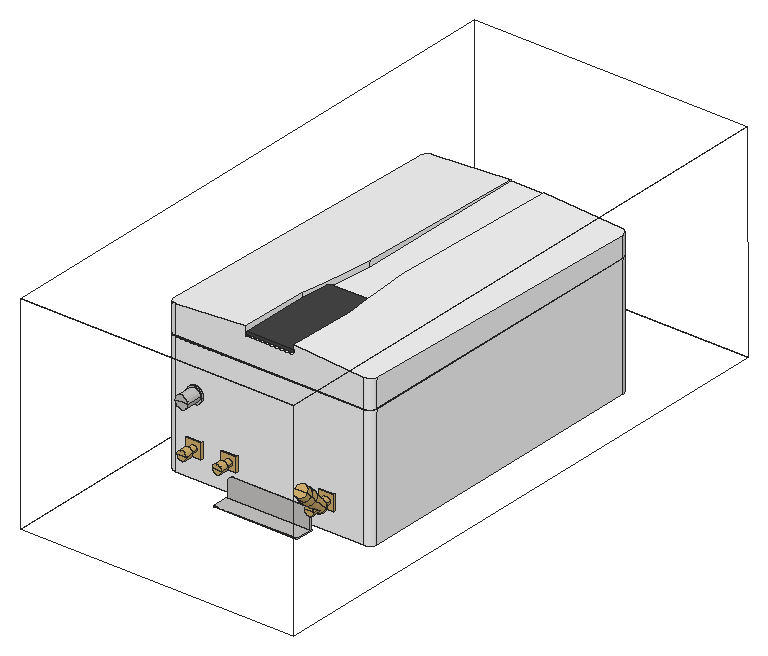
Revit family "Water_Heater-Navien-Condensing-NPE-A2", category Mechanical Equipment, host Face, Revit 2019
Family settings
  Host = Face
  Round Connector Dimension = Use Diameter
  Part Type = Normal
  OmniClass Number = 23.65.35.11
  OmniClass Title = Supply Water Heaters
  Cut with Voids When Loaded = No
  Shared = No
  Room Calculation Point = No
Parameters (values of type "NPE-240A2")
  Width = 17.30"  # constant formula
  Wi-Fi Ready = "NaviLink Wi‑Fi Control: This add-on accessory enables access to control temperatures remotely, access usage data and receive diagnostic notifications via smartphone or tablet."  # constant formula
  Weight = if(Constraints = 1, 73.00 lbf, if(Constraints = 2, 77.00 lbf, if(Constraints = 3, 77.00 lbf, 55.00 lbf)))  # 77.00 lbf
  Water Pressure = "15-150 psi"  # constant formula
  Warranty Note = "Heat Exchangers: 15 years limited warranty (Residential) | Parts: 5 years (Residential)"  # constant formula
  Warranty = "https://www.navieninc.com/warranties"
  Voltage = 120 V
  Version = "2019 - v1.0.a"  # constant formula
  Venting Type = "2\" or 3\" PVC, CPVC, approved polypropylene and stainless steel"  # constant formula
  Venting = "No Venting (Outdoor Installation Only)"  # constant formula
  URL = "https://www.navieninc.com"
  Propane Gas Supply Pressure = "8.0\" to 13\" WC"  # constant formula
  Propane Gas Manifold Pressure = if(Constraints = 1, "0.03\" to 0.55\" WC", if(Constraints = 2, "0.02\" to 0.76\" WC", if(Constraints = 3, "0.02\" to 0.96\" WC", "0.7\" to 3.2\" WC")))  # "0.02\" to 0.96\" WC"
  Product Page URL = "https://www.navieninc.com/products/npe-240a2"
  Product Name = "NPE-A2 Advanced Series Tankless Water Heaters"  # constant formula
  Product Documentation Link = "https://www.navieninc.com/downloads/npe-2-quickfacts-en"
  Power Factor = 1
  Phase = 1
  Number of Poles = 1
  Natural Gas Supply Pressure = "3.5\" to 10.5\" WC"  # constant formula
  Natural Gas Manifold Pressure = if(Constraints = 1, "0.03\" to 0.55\" WC", if(Constraints = 2, "0.03\" to 0.76\" WC", if(Constraints = 3, "0.03\" to 0.96\" WC", "0.7\" to 3.2\" WC")))  # "0.03\" to 0.96\" WC"
  Model = if(Constraints = 1, "NPE-180A2", if(Constraints = 2, "NPE-210A2", if(Constraints = 3, "NPE-240A2", "NPN-160E")))  # "NPE-240A2"
  Material = ""
  Manufacturer Phone Number = "(949) 420-0420"  # constant formula
  Manufacturer Fax Number = "(949) 420-0430"  # constant formula
  Manufacturer Address = "20 Goodyear, Irvine, CA 92618"  # constant formula
  Manufacturer = "Navien, Inc."  # constant formula
  Keynote = "22 33 00.A1"
  Intake = if([2" Exhaust/Intake], 2", 3")  # 2"
  Installation Type = "Outdoor Wall-Hung Only"  # constant formula
  Ignition = "Electronic ignition"  # constant formula
  Hot Water Inlet = 0.75"  # constant formula
  Height = 28.80"  # constant formula
  Heating Capacity Note = if(Constraints = 1, "10,000 to 150,000 BTUh", if(Constraints = 2, "12,000 to 180,000 BTUh", if(Constraints = 3, "13,300 to 199,990 BTUh", "10700 to 160000 BTUh")))  # "13,300 to 199,990 BTUh"
  Heating Capacity = 199900.0 Btu/h
  Gas Inlet = 3/4"  # constant formula
  Frequency = 60 Hz
  Finish = Metal - Navien - White
  Exhaust = if([2" Exhaust/Intake], 2", 3")  # 2"
  Description = "NPE-A2 Advanced Condensing Tankless Gas Water Heaters"  # constant formula
  Depth = 13.20"  # constant formula
  Default Elevation = 48.00"
  Constraints = 3
  Cold Water Inlet = 0.75"  # constant formula
  Certifications = "Energy Star | AHRI | CSA | ASME | CSA Blue Star | CSA Blue Flame"  # constant formula
  Copyright = "All contents copyright © Navien Inc."  # constant formula
  Clearance [instance] = yes
  Assembly Code = "D3010500"
  Apparent Load = 0 VA
  3" Exhaust/Intake = not([2" Exhaust/Intake])  # no
  2" Exhaust/Intake = yes
Types (4): name | Weight | Propane Gas Manifold Pressure | Product Page URL | Natural Gas Manifold Pressure | Model | Heating Capacity Note | Heating Capacity | Constraints
  (no name) | 77.00 lbf | "0.02\" to 0.96\" WC" | "https://www.navieninc.com/products/npe-240a2" | "0.03\" to 0.96\" WC" | "NPE-240A2" | "13,300 to 199,990 BTUh" | 199900.0 Btu/h | 3
  NPE-180A2 | 73.00 lbf | "0.03\" to 0.55\" WC" | "https://www.navieninc.com/products/npe-180a2" | "0.03\" to 0.55\" WC" | "NPE-180A2" | "10,000 to 150,000 BTUh" | 150000.0 Btu/h | 1
  NPE-210A2 | 77.00 lbf | "0.02\" to 0.76\" WC" | "https://www.navieninc.com/products/npe-210a2" | "0.03\" to 0.76\" WC" | "NPE-210A2" | "12,000 to 180,000 BTUh" | 180000.0 Btu/h | 2
  NPE-240A2 | 77.00 lbf | "0.02\" to 0.96\" WC" | "https://www.navieninc.com/products/npe-240a2" | "0.03\" to 0.96\" WC" | "NPE-240A2" | "13,300 to 199,990 BTUh" | 199900.0 Btu/h | 3
Reference planes (in)
  plane 1 "Center (Front/Back)": y = -4.4
  plane 2: z = 0
  plane 3 "Center (Left/Right)": x = 0
  plane 4: y = 23
  plane 5: z = 4.13479
  plane 6: z = 2.83479
  plane 7: z = 6.93479
  plane 8: x = -4.3
  plane 9: x = -1.1
  plane 10: x = 3.8
  plane 11: x = -1.58309
  plane 12: x = -0.61691
  plane 13: x = -8.65
  plane 14: x = 8.65
  plane 15: y = -5.90288
  plane 16: z = 13.63479
  plane 17: x = -6.35
  plane 18: x = 4.95
Forms (in)
  Extrusion 1, solid, material "Clearances - Navien", visible <- "Clearance"
    sketch origin (1.63086, 30.79844, 2.11678) x (0, 1, 0) y (-1, 0, 0)
      loop
        line (1.20156, 13.28086) -> (-47.19844, 13.28086) -> (-47.19844, -10.01914) -> (1.20156, -10.01914) -> (1.20156, 13.28086)
    from -2.11678 to 15.51801
  Extrusion 2, solid, material "Metal - Navien - White" <- "Finish", detail levels medium+fine
    sketch origin (0, 19.32383, 4.3925) x (0, 1, 0) y (-1, 0, 0)
      loop
        arc (3.67617, 8.01152) -> (3.48916, 8.46299) -> (3.03769, 8.65) r 0.63848
        line (3.03769, 8.65) -> (-23.08383, 8.65)
        arc (-23.08383, 8.65) -> (-23.53638, 8.46255) -> (-23.72383, 8.01) r 0.64
        line (-23.72383, 8.01) -> (-23.72383, -8.01)
        arc (-23.72383, -8.01) -> (-23.53638, -8.46255) -> (-23.08383, -8.65) r 0.64
        line (-23.08383, -8.65) -> (3.03617, -8.65)
        arc (3.03617, -8.65) -> (3.48871, -8.46255) -> (3.67617, -8.01) r 0.64
        line (3.67617, -8.01) -> (3.67617, 8.01152)
    from -3.95771 to 9.24229
  Extrusion 3, void
    sketch origin (0, -4.71208, 0.10155) x (1, 0, 0) y (0, 0.023355, 0.999727)
      loop
        line (-8.72631, 14.51859) -> (-8.72631, 13.06)
        arc (-8.72631, 13.06) -> (0.19015, 13.56399) -> (9.10359, 13.00907) r 75.31953
        line (9.10359, 13.00907) -> (9.10359, 14.51859) -> (-8.72631, 14.51859)
    from -30.16564 to 0.59861
  Extrusion 4, solid, material "Metal - Navien - Stainless Steel"
    sketch origin (0, 19.32383, 4.3925) x (0, 1, 0) y (-1, 0, 0)
      loop
        arc (5.22147, 3.42656) -> (5.1841, 3.51678) -> (5.09389, 3.55414) r 0.12758
        line (5.09389, 3.55414) -> (3.67617, 3.55414) -> (3.67617, -3.55364) -> (5.09147, -3.55364)
        arc (5.09147, -3.55364) -> (5.18339, -3.51557) -> (5.22147, -3.42364) r 0.13
        line (5.22147, -3.42364) -> (5.22147, 3.42656)
    from -4.3925 to -4.34573
  Extrusion 5, solid, material "Metal - Navien - Brass, Soft Yellow"
    sketch origin (-1.77467, -4.4, -1.96398) x (1, 0, 0) y (0, 0, 1)
      loop
        line (-3.9486, 5.4353) -> (-5.22362, 5.4353) -> (-5.22362, 4.19878) -> (-3.9486, 4.19878) -> (-3.9486, 5.4353)
    from 0 to 0.16762
  Revolve 6, solid, material "Metal - Navien - Brass, Soft Yellow"
    sketch origin (-15.42188, -184.40002, 2.83479) x (-1, 0, 0) y (0, -1, 0)
      loop
        line (-9.46599, -178.57711) -> (-9.46599, -179.18801) -> (-9.34567, -179.18801) -> (-9.34567, -179.83238) -> (-9.07188, -179.83238) -> (-9.07188, -178.57711) -> (-9.46599, -178.57711)
      axis (-9.07188, -178.57711) -> (-9.07188, -179.83238)
    angle from 0 to 360
  Revolve 7, solid, material "Metal - Navien - Stainless Steel"
    sketch origin (-7.55911, -184.40002, 6.93479) x (-1, 0, 0) y (0, -1, 0)
      loop
        line (-1.20911, -178.54698) -> (-1.75224, -178.54698) -> (-1.75224, -179.87502) -> (-1.20911, -179.87502) -> (-1.20911, -178.54698)
      axis (-1.20911, -178.54698) -> (-1.20911, -179.87502)
    angle from 0 to 360
  Extrusion 8, solid, material "Metal - Navien - Stainless Steel"
    sketch origin (-10.05546, -4.4, 1.68998) x (1, 0, 0) y (0, 0, 1)
      loop
        circle (3.70567, 5.22402) r 0.68798
    from 0 to 0.12498
  Revolve 9, solid, material "Metal - Navien - Brass, Soft Yellow"
    sketch origin (-13.40348, -180, 2.83479) x (-1, 0, 0) y (0, -1, 0)
      loop
        line (-18.74055, -173.63568) -> (-18.74055, -174.27883) -> (-18.6676, -174.27883) -> (-18.6676, -175.45014) -> (-18.35348, -175.45014) -> (-18.35348, -173.63568) -> (-18.74055, -173.63568)
      axis (-18.35348, -175.45014) -> (-18.35348, -173.63568)
    angle from 0 to 360
  Extrusion 10, solid, material "Metal - Navien - White" <- "Finish", detail levels coarse
    sketch origin (0, 0, 0) x (1, 0, 0) y (0, 0, 1)
      loop
        line (-8.65, 0.43479) -> (8.65, 0.43479) -> (8.65, 13.63479) -> (-8.65, 13.63479) -> (-8.65, 0.43479)
    from -23 to 4.4
  Extrusion 11, solid, material "Plastic - Navien - Black", detail levels medium+fine
    sketch origin (0, 19.32383, 7.8925) x (0, 1, 0) y (-1, 0, 0)
      loop
        line (-17.70052, 2.05834) -> (-23.72383, 2.05834) -> (-23.72383, -2.05834) -> (-17.70052, -2.05834)
        arc (-17.70052, -2.05834) -> (-16.66538, -1.92384) -> (-15.62887, -1.80041) r 97.62181
        arc (-15.62887, -1.80041) -> (-15.31942, -1.67223) -> (-15.19124, -1.36278) r 0.43763
        line (-15.19124, -1.36278) -> (-15.19124, 1.36278)
        arc (-15.19124, 1.36278) -> (-15.31942, 1.67223) -> (-15.62887, 1.80041) r 0.43763
        arc (-15.62887, 1.80041) -> (-16.66538, 1.92384) -> (-17.70052, 2.05834) r 97.62181
    from 5.12609 to 5.33449
  Extrusion 12, void
    sketch origin (0, 19.32383, 4.2675) x (0, 1, 0) y (-1, 0, 0)
      loop
        line (5.22147, -1.40632) -> (5.22147, 1.40632) -> (-11.30794, 1.40632)
        arc (-11.30794, 1.40632) -> (-14.5096, 1.67972) -> (-17.70052, 2.05834) r 97.62181
        line (-17.70052, 2.05834) -> (-25.30613, 2.05834) -> (-25.30613, -2.05834) -> (-17.70052, -2.05834)
        arc (-17.70052, -2.05834) -> (-14.5096, -1.67972) -> (-11.30794, -1.40632) r 97.62181
        line (-11.30794, -1.40632) -> (5.22147, -1.40632)
    from 8.62609 to 10.36266
  Sweep 13, void
    path origin (0, 19.32266, 3.6425) x (0, 1, 0) y (-1, 0, 0)
      loop
        line (3.03769, 8.65) -> (-23.08383, 8.65)
        arc (-23.08383, 8.65) -> (-23.53638, 8.46255) -> (-23.72383, 8.01) r 0.64
        line (-23.72383, 8.01) -> (-23.72383, -8.01)
        arc (-23.72383, -8.01) -> (-23.53638, -8.46255) -> (-23.08383, -8.65) r 0.64
        line (-23.08383, -8.65) -> (3.03617, -8.65)
        arc (3.03617, -8.65) -> (3.48871, -8.46255) -> (3.67617, -8.01) r 0.64
        line (3.67617, -8.01) -> (3.67617, 8.01152)
        arc (3.67617, 8.01152) -> (3.48916, 8.46299) -> (3.03769, 8.65) r 0.63848
    profile origin (-8.65, 9.29959, 3.6425) x (1, 0, 0) y (0, 0, 1)
      loop
        line (0.09217, 7.20716) -> (-0.15783, 7.20716) -> (-0.15783, 7.09938) -> (0.09217, 7.09938) -> (0.09217, 7.20716)
  Extrusion 14, solid, material "Metal - Navien - Stainless Steel"
    sketch origin (0, 0, 45.93071) x (1, 0, 0) y (0, 0, 1)
      loop
        line (-3.51177, -45.88394) -> (3.51177, -45.88394) -> (3.51177, -45.32433)
        arc (3.51177, -45.32433) -> (3.36532, -44.97078) -> (3.01177, -44.82433) r 0.5
        line (3.01177, -44.82433) -> (-3.01033, -44.82433)
        arc (-3.01033, -44.82433) -> (-3.3649, -44.9712) -> (-3.51177, -45.32577) r 0.50144
        line (-3.51177, -45.32577) -> (-3.51177, -45.88394)
    from -23.0784 to -23
  Extrusion 15, solid, material "Metal - Navien - Stainless Steel"
    sketch origin (0, -0.72383, 4.3925) x (0, -1, 0) y (1, 0, 0)
      loop
        line (5.22147, -3.42656) -> (5.22147, 3.42364)
        arc (5.22147, 3.42364) -> (5.18339, 3.51557) -> (5.09147, 3.55364) r 0.13
        line (5.09147, 3.55364) -> (3.67617, 3.55364) -> (3.67617, -3.55414) -> (5.09389, -3.55414)
        arc (5.09389, -3.55414) -> (5.1841, -3.51678) -> (5.22147, -3.42656) r 0.12758
    from -4.3925 to -4.34573
  Extrusion 16, solid, material "Metal - Navien - Stainless Steel"
    sketch origin (0, 18.6, 45.93071) x (1, 0, 0) y (0, 0, -1)
      loop
        line (-3.51177, 45.88394) -> (-3.51177, 44.70077)
        arc (-3.51177, 44.70077) -> (-3.3649, 44.3462) -> (-3.01033, 44.19933) r 0.50144
        line (-3.01033, 44.19933) -> (3.01177, 44.19933)
        arc (3.01177, 44.19933) -> (3.36532, 44.34578) -> (3.51177, 44.69933) r 0.5
        line (3.51177, 44.69933) -> (3.51177, 45.88394) -> (-3.51177, 45.88394)
    from -23.0784 to -23
  Extrusion 17, solid, material "Metal - Navien - White" <- "Finish", detail levels medium+fine
    sketch origin (0, -4.4, 0) x (1, 0, 0) y (0, 0, 1)
      loop
        line (6.8996, 8.89711) -> (-6.6004, 8.89711)
        arc (-6.6004, 8.89711) -> (-6.9754, 8.52211) -> (-6.6004, 8.14711) r 0.375
        line (-6.6004, 8.14711) -> (6.8996, 8.14711)
        arc (6.8996, 8.14711) -> (7.2746, 8.52211) -> (6.8996, 8.89711) r 0.375
    from -26.76152 to -27.55666
  Extrusion 18, solid, material "Metal - Navien - Brass, Soft Yellow"
    sketch origin (9.52533, -4.4, -1.96398) x (1, 0, 0) y (0, 0, 1)
      loop
        line (-3.9486, 5.4353) -> (-5.22362, 5.4353) -> (-5.22362, 4.19878) -> (-3.9486, 4.19878) -> (-3.9486, 5.4353)
    from 0 to 0.16762
  Extrusion 19, solid, material "Metal - Navien - Brass, Soft Yellow"
    sketch origin (1.22533, -4.4, -1.96398) x (1, 0, 0) y (0, 0, 1)
      loop
        line (-3.9486, 5.4353) -> (-5.22362, 5.4353) -> (-5.22362, 4.19878) -> (-3.9486, 4.19878) -> (-3.9486, 5.4353)
    from 0 to 0.16762
  Revolve 20, solid, material "Metal - Navien - Brass, Soft Yellow"
    sketch origin (-12.42188, -184.40002, 2.83479) x (-1, 0, 0) y (0, -1, 0)
      loop
        line (-9.46599, -178.57711) -> (-9.46599, -179.18801) -> (-9.34567, -179.18801) -> (-9.34567, -179.83238) -> (-9.07188, -179.83238) -> (-9.07188, -178.57711) -> (-9.46599, -178.57711)
      axis (-9.07188, -178.57711) -> (-9.07188, -179.83238)
    angle from 0 to 360
  Revolve 21, solid, material "Metal - Navien - Brass, Soft Yellow"
    sketch origin (-9.85536, -35.92145, 33.34757) x (-0.952177, 0.216054, -0.216054) y (-0.305546, -0.673291, 0.673291)
      loop
        line (-2.40752, -43.12589) -> (-2.20611, -43.67926) -> (-2.2548, -43.69699) -> (-2.02154, -44.3236) -> (-1.94187, -44.29394) -> (-1.33024, -45.937)
        arc (-1.33024, -45.937) -> (-1.07976, -46.20442) -> (-0.71364, -46.21907) r 0.48299
        line (-0.71364, -46.21907) -> (-1.90591, -42.94332) -> (-2.40752, -43.12589)
      axis (-1.90591, -42.94332) -> (-0.71364, -46.21907)
    angle from 0 to 360
Cuts and joins
  Extrusion 3, Extrusion 12, Sweep 13 cuts Extrusion 2
  joined: Extrusion 2, Extrusion 17
Lines and regions (in)
  model lines, style "Clearance", visible <- "Clearance"
    curve 1: line (11.65, 32, 17.63479) -> (11.65, -16.4, 17.63479)
    curve 2: line (11.65, -16.4, 17.63479) -> (-11.65, -16.4, 17.63479)
    curve 3: line (-11.65, -16.4, 17.63479) -> (-11.65, 32, 17.63479)
    curve 4: line (-11.65, 32, 17.63479) -> (11.65, 32, 17.63479)
    curve 5: line (11.65, -16.4, 17.63479) -> (11.65, -16.4, 0)
    curve 6: line (-11.65, -16.4, 17.63479) -> (-11.65, -16.4, 0)
    curve 7: line (11.65, 32, 17.63479) -> (11.65, 32, 0)
    curve 8: line (-11.65, 32, 17.63479) -> (-11.65, 32, 0)
    curve 9: line (11.65, -12, 0) -> (11.65, 32, 0)
    curve 10: line (-11.65, 32, 0) -> (-11.65, -12, 0)
    curve 11: line (-11.65, -16.4, 0) -> (11.65, -16.4, 0)
    curve 12: line (11.65, 32, 0) -> (-11.65, 32, 0)
Dimensions and locks (in)
  cut or joined group of Extrusion 2, Extrusion 3, Extrusion 12, Sweep 13, Extrusion 17 to plane 5 = 3.70"
  plane 6 to cut or joined group of Extrusion 2, Extrusion 3, Extrusion 12, Sweep 13, Extrusion 17 = 2.40"
  plane 7 to cut or joined group of Extrusion 2, Extrusion 3, Extrusion 12, Sweep 13, Extrusion 17 = 6.50"
  plane 9 to plane 8 = 3.20"
  plane 10 to plane 9 = 4.90"
  plane 13 to plane 3 "Center (Left/Right)" to plane 14 = 8.65" locked, 8.65" locked
  plane 4 to plane 1 "Center (Front/Back)" to plane 15 = 27.40" locked, 1.50288" locked
  locked: plane 16 to level at 13.63479
  nested 1 to Extrusion 10 = 2.60"
  nested 2 to Extrusion 10 = 3.00"
  Extrusion 10 to nested 2 = 6.10"
  nested 2 to nested 1 = 6.70"
  Extrusion 10 to nested 1 = 4.50"
  nested 1 to nested 2 = 6.70"
  plane 17 to plane 13 = 2.30"
  plane 18 to plane 17 = 11.30"
  locked: Extrusion 1 sketch curve to plane 4 at 9
  locked: Extrusion 1 sketch curve to plane 1 "Center (Front/Back)" at 12  (x4)
  locked: nested 1 to plane 1 "Center (Front/Back)" at 27.4
  locked: nested 1 to plane 1 "Center (Front/Back)" at 28.45722
  locked: nested 1 to plane 1 "Center (Front/Back)" at 29.51443
  locked: level to nested 1 at 1.0624
  locked: level to nested 1 at 3.03479
  locked: level to nested 1 at 5.00718
  locked: nested 2 to plane 1 "Center (Front/Back)" at 27.4
  locked: nested 2 to plane 1 "Center (Front/Back)" at 28.846
  locked: nested 2 to plane 1 "Center (Front/Back)" at 30.292
  locked: level to nested 2 at 5.45026
  locked: level to nested 2 at 3.43479
  locked: level to nested 2 at 1.41933
  locked: host sketch curve to plane 1 "Center (Front/Back)" at 17.6  (x3)
  locked: host sketch curve to plane 1 "Center (Front/Back)" at 41.42539  (x3)
  locked: Extrusion 1 to plane 1 "Center (Front/Back)" at 36.4
  locked: Extrusion 1 to plane 1 "Center (Front/Back)" at 12
  locked: Extrusion 1 sketch curve to plane 1 "Center (Front/Back)" at 36.4  (x3)
  locked: Extrusion 1 to level at 17.63479
  Extrusion 1 to level = 0.00"
  locked: Extrusion 1 sketch curve to level at 2.11678  (x12)
  locked: Extrusion 2 sketch curve to plane 1 "Center (Front/Back)" at 27.4  (x5)
  locked: Extrusion 2 sketch curve to plane 1 "Center (Front/Back)" at 26.76
  locked: Extrusion 2 sketch curve to plane 1 "Center (Front/Back)" at 0.64  (x2)
  locked: Extrusion 2 sketch curve to plane 1 "Center (Front/Back)" at 26.76152
  locked: Extrusion 2 sketch curve to level at 4.3925  (x24)
  Extrusion 3 sketch curve to level = 13.15799"
  Extrusion 3 sketch curve to level = 13.10707"
  Extrusion 3 sketch curve to level = 14.61618"  (x3)
  locked: Extrusion 4 to plane 1 "Center (Front/Back)" at 28.9453
  Extrusion 4 to plane 1 "Center (Front/Back)" = 27.40"
  locked: Extrusion 4 sketch curve to plane 1 "Center (Front/Back)" at 28.9453  (x5)
  locked: Extrusion 4 sketch curve to plane 1 "Center (Front/Back)" at 28.8153
  locked: Extrusion 4 sketch curve to plane 1 "Center (Front/Back)" at 27.4  (x3)
  locked: Extrusion 4 sketch curve to plane 1 "Center (Front/Back)" at 28.81772
  locked: Extrusion 4 sketch curve to level at 4.3925  (x18)
  locked: Extrusion 5 to plane 1 "Center (Front/Back)" at 0.16762
  locked: Extrusion 5 to level at 2.23479
  locked: Extrusion 5 to level at 3.47131
  locked: Extrusion 5 sketch curve to level at 2.23479  (x3)
  locked: Extrusion 5 sketch curve to level at 3.47131  (x3)
  locked: Revolve 6 to plane 1 "Center (Front/Back)" at 1.42291  (x2)
  locked: Revolve 6 to plane 1 "Center (Front/Back)" at 0.81201  (x2)
  locked: Revolve 6 to plane 1 "Center (Front/Back)" at 0.16765  (x2)
  locked: Revolve 6 sketch curve to plane 1 "Center (Front/Back)" at 0.16765  (x3)
  locked: Revolve 6 sketch curve to plane 1 "Center (Front/Back)" at 0.81201  (x3)
  locked: Revolve 6 sketch curve to plane 1 "Center (Front/Back)" at 1.42291  (x3)
  locked: Revolve 6 sketch curve to level at 2.83479  (x21)
  locked: Revolve 7 to plane 1 "Center (Front/Back)" at 0.125  (x2)
  locked: Revolve 7 to plane 1 "Center (Front/Back)" at 1.45304  (x2)
  locked: Revolve 7 sketch curve to plane 1 "Center (Front/Back)" at 0.125  (x3)
  locked: Revolve 7 sketch curve to plane 1 "Center (Front/Back)" at 1.45304  (x3)
  locked: Revolve 7 sketch curve to level at 6.93479  (x15)
  locked: Extrusion 8 to plane 1 "Center (Front/Back)" at 0.12498
  locked: Revolve 9 to plane 1 "Center (Front/Back)" at 1.96432  (x2)
  locked: Revolve 9 to plane 1 "Center (Front/Back)" at 1.32117  (x2)
  locked: Revolve 9 to plane 1 "Center (Front/Back)" at 0.14986  (x2)
  locked: Revolve 9 sketch curve to plane 1 "Center (Front/Back)" at 0.14986  (x3)
  locked: Revolve 9 sketch curve to plane 1 "Center (Front/Back)" at 1.32117  (x3)
  locked: Revolve 9 sketch curve to plane 1 "Center (Front/Back)" at 1.96432  (x3)
  locked: Revolve 9 sketch curve to level at 2.83479  (x21)
  locked: Extrusion 10 to plane 1 "Center (Front/Back)" at 27.4
  locked: Extrusion 10 sketch curve to plane 1 "Center (Front/Back)" at 4.4  (x12)
  locked: Extrusion 10 to level at 13.63479
  locked: Extrusion 10 to level at 0.43479
  locked: Extrusion 10 sketch curve to level at 13.63479  (x3)
  locked: Extrusion 10 sketch curve to level at 0.43479  (x4)
  locked: Extrusion 11 to level at 13.22699
  locked: Extrusion 11 to level at 13.01859
  locked: Sweep 13 sketch curve to plane 1 "Center (Front/Back)" at 0.63883  (x2)
  locked: Sweep 13 sketch curve to plane 1 "Center (Front/Back)" at 26.75883
  locked: Sweep 13 sketch curve to plane 1 "Center (Front/Back)" at 27.39883  (x5)
  locked: Sweep 13 sketch curve to plane 1 "Center (Front/Back)" at 26.76035
  locked: Sweep 13 sketch curve to plane 1 "Center (Front/Back)" at 13.69959  (x12)
  locked: Sweep 13 sketch curve to level at 3.6425  (x24)
  locked: Sweep 13 sketch curve to level at 10.74188  (x3)
  locked: Sweep 13 sketch curve to level at 10.84966  (x3)
  locked: Extrusion 14 to plane 1 "Center (Front/Back)" at 27.4
  locked: Extrusion 14 to plane 1 "Center (Front/Back)" at 27.4784
  locked: Extrusion 14 sketch curve to plane 1 "Center (Front/Back)" at 4.4  (x18)
  locked: Extrusion 14 to level at 1.10638
  locked: Extrusion 14 sketch curve to level at 1.10638  (x5)
  locked: Extrusion 14 sketch curve to level at 0.60638
  locked: Extrusion 14 sketch curve to level at 0.60494
  locked: Extrusion 15 to plane 1 "Center (Front/Back)" at 1.5453
  locked: Extrusion 15 sketch curve to plane 1 "Center (Front/Back)" at 1.5453  (x5)
  locked: Extrusion 15 sketch curve to plane 1 "Center (Front/Back)" at 1.4153
  locked: Extrusion 15 sketch curve to plane 1 "Center (Front/Back)" at 1.41772
  locked: Extrusion 15 sketch curve to level at 4.3925  (x18)
  locked: Extrusion 16 sketch curve to plane 1 "Center (Front/Back)" at 23  (x18)
  locked: Extrusion 16 to level at 1.73138
  locked: Extrusion 16 sketch curve to level at 1.22994
  locked: Extrusion 16 sketch curve to level at 1.73138  (x5)
  locked: Extrusion 16 sketch curve to level at 1.23138
  locked: Extrusion 17 sketch curve to level at 8.89711  (x5)
  locked: Extrusion 17 sketch curve to level at 8.14711  (x5)
  locked: Extrusion 18 to plane 1 "Center (Front/Back)" at 0.16762
  locked: Extrusion 18 to level at 2.23479
  locked: Extrusion 18 to level at 3.47131
  locked: Extrusion 18 sketch curve to level at 2.23479  (x3)
  locked: Extrusion 18 sketch curve to level at 3.47131  (x3)
  locked: Extrusion 1 sketch curve to plane 13 at 3
  locked: plane 14 to Extrusion 1 sketch curve at 3
  Extrusion 2 sketch curve to plane 3 "Center (Left/Right)" to Extrusion 2 sketch curve = 8.65" locked, 8.65" locked
  plane 1 "Center (Front/Back)" to Extrusion 2 sketch curve to Extrusion 2 sketch curve = 0.00" locked, 27.40" locked
  Extrusion 3 sketch curve to plane 3 "Center (Left/Right)" to Extrusion 3 sketch curve = 9.10359" locked, 8.72631" locked
  Extrusion 3 sketch curve to Extrusion 3 sketch curve to Extrusion 3 sketch curve to level = 1.45819" locked, 0.05092" locked, 13.10707" locked
  plane 3 "Center (Left/Right)" to Extrusion 5 sketch curve to Extrusion 5 sketch curve = 5.72327" locked, 1.27502" locked  (x2)
  plane 17 to Revolve 6 sketch curve to Revolve 6 sketch curve = 0.00" locked, 0.27379" locked
  Revolve 6 sketch curve to Revolve 6 sketch curve to plane 1 "Center (Front/Back)" = 1.25526" locked, 0.16765" locked
  plane 17 to Revolve 7 sketch curve to Revolve 7 sketch curve = 0.00" locked, 0.54314" locked
  Revolve 7 sketch curve to Revolve 7 sketch curve to plane 1 "Center (Front/Back)" = 1.32804" locked, 0.125" locked
  locked: plane 3 "Center (Left/Right)" to Extrusion 8 sketch curve at 5.66182
  locked: Extrusion 8 sketch curve to level at 6.22602
  Revolve 9 sketch curve to Revolve 9 sketch curve to plane 1 "Center (Front/Back)" = 1.81446" locked, 0.14986" locked
  plane 18 to Revolve 9 sketch curve to Revolve 9 sketch curve = 0.00" locked, 0.31412" locked
  Extrusion 11 sketch curve to Extrusion 11 sketch curve to plane 3 "Center (Left/Right)" to Extrusion 11 sketch curve to Extrusion 11 sketch curve = 0.69557" locked, 1.36278" locked, 1.36278" locked, 0.69557" locked
  plane 1 "Center (Front/Back)" to Extrusion 11 sketch curve to Extrusion 11 sketch curve to Extrusion 11 sketch curve to Extrusion 11 sketch curve = 0.00" locked, 6.02331" locked, 0.00" locked, 2.50928" locked
  Extrusion 12 sketch curve to Extrusion 12 sketch curve to plane 3 "Center (Left/Right)" to Extrusion 12 sketch curve to Extrusion 12 sketch curve = 0.65202" locked, 1.40632" locked, 1.40632" locked, 0.65202" locked
  Extrusion 12 sketch curve to plane 1 "Center (Front/Back)" to Extrusion 12 sketch curve = 1.5823" locked, 28.9453" locked
  Sweep 13 sketch curve to plane 3 "Center (Left/Right)" to Sweep 13 sketch curve = 8.65" locked, 8.65" locked
  Sweep 13 sketch curve to plane 1 "Center (Front/Back)" to Sweep 13 sketch curve = 0.00117" locked, 27.39883" locked
  Extrusion 14 sketch curve to plane 3 "Center (Left/Right)" to Extrusion 14 sketch curve = 3.51177" locked, 3.51177" locked
  Extrusion 15 sketch curve to plane 3 "Center (Left/Right)" to Extrusion 15 sketch curve = 3.55414" locked, 3.55364" locked
  Extrusion 16 sketch curve to plane 3 "Center (Left/Right)" to Extrusion 16 sketch curve = 3.51177" locked, 3.51177" locked
  Extrusion 17 sketch curve to plane 3 "Center (Left/Right)" to Extrusion 17 sketch curve = 7.2746" locked, 6.9754" locked
  Extrusion 18 sketch curve to plane 18 to Extrusion 18 sketch curve = 0.62673" locked, 0.64829" locked
  plane 3 "Center (Left/Right)" to Extrusion 19 sketch curve to Extrusion 19 sketch curve = 2.72327" locked, 1.27502" locked
  Extrusion 19 sketch curve to Extrusion 19 sketch curve to level = 1.23652" locked, 2.23479" locked
  Revolve 20 sketch curve to Revolve 20 sketch curve to plane 3 "Center (Left/Right)" = 0.27379" locked, 3.07621" locked
  plane 3 "Center (Left/Right)" to Revolve 21 sketch curve to Revolve 21 sketch curve to Revolve 21 sketch curve to Revolve 21 sketch curve to Revolve 21 sketch curve to Revolve 21 sketch curve to Revolve 21 sketch curve to Revolve 21 sketch curve to Revolve 21 sketch curve to Revolve 21 sketch curve = 4.88995" locked, 0.05626" locked, 0.13436" locked, 0.08768" locked, 0.27889" locked, 0.08035" locked, 0.06379" locked, 0.02114" locked, 0.00156" locked, 0.02908" locked
  Revolve 21 sketch curve to Revolve 21 sketch curve to Revolve 21 sketch curve to Revolve 21 sketch curve to Revolve 21 sketch curve to Revolve 21 sketch curve to Revolve 21 sketch curve to Revolve 21 sketch curve to plane 1 "Center (Front/Back)" = 0.01455" locked, 0.41609" locked, 0.00141" locked, 0.46953" locked, 0.00276" locked, 1.23565" locked, 0.32314" locked, 0.55675" locked
  Revolve 21 sketch curve to Revolve 21 sketch curve to Revolve 21 sketch curve to Revolve 21 sketch curve to level = 1.62179" locked, 2.12544" locked, 1.35441" locked, 1.35159" locked
  Revolve 20 sketch curve to Revolve 20 sketch curve to plane 1 "Center (Front/Back)" = 1.25526" locked, 0.16765" locked  (x2)
  Extrusion 4 sketch curve to plane 12 to Extrusion 4 sketch curve = 2.93723" locked, 4.17056" locked
  Extrusion 4 sketch curve to Extrusion 4 sketch curve to plane 3 "Center (Left/Right)" to Extrusion 4 sketch curve to Extrusion 4 sketch curve = 0.12758" locked, 3.42656" locked, 3.42364" locked, 0.13" locked
  locked: plane 3 "Center (Left/Right)" to Extrusion 5 sketch curve at 6.99829
  Extrusion 11 sketch curve to Extrusion 11 sketch curve to plane 3 "Center (Left/Right)" to Extrusion 11 sketch curve to Extrusion 11 sketch curve = 0.25794" locked, 1.80041" locked, 1.80041" locked, 0.25794" locked
  Extrusion 12 sketch curve to plane 3 "Center (Left/Right)" to Extrusion 12 sketch curve = 2.05834" locked, 2.05834" locked
  locked: plane 3 "Center (Left/Right)" to Extrusion 12 sketch curve at 2.05834
  locked: plane 3 "Center (Left/Right)" to Extrusion 19 sketch curve at 3.99829
  locked: plane 3 "Center (Left/Right)" to Extrusion 19 sketch curve at 2.72327
  locked: Revolve 20 sketch curve to plane 3 "Center (Left/Right)" at 3.35
  locked: Revolve 20 sketch curve to plane 3 "Center (Left/Right)" at 3.07621
  plane 3 "Center (Left/Right)" to Revolve 21 sketch curve to Revolve 21 sketch curve = 5.44714" locked, 0.08035" locked
  locked: Extrusion 11 sketch curve to plane 3 "Center (Left/Right)" at 2.05834
  locked: plane 3 "Center (Left/Right)" to Extrusion 11 sketch curve at 2.05834
  locked: Revolve 20 sketch curve to plane 1 "Center (Front/Back)" at 0.16765
  Revolve 20 sketch curve to Revolve 20 sketch curve to Revolve 20 sketch curve to plane 1 "Center (Front/Back)" = 0.6109" locked, 0.64436" locked, 0.16765" locked
  Revolve 21 sketch curve to Revolve 21 sketch curve to Revolve 21 sketch curve to Revolve 21 sketch curve to plane 1 "Center (Front/Back)" = 2.0393" locked, 0.47229" locked, 1.55878" locked, 0.55675" locked
  Revolve 21 sketch curve to plane 1 "Center (Front/Back)" to Revolve 21 sketch curve = 4.62712" locked, 0.47453" locked
  aligned and locked: plane 2 to host face
  aligned and locked: level to host face
  aligned and locked: Extrusion 1 to plane 2
  aligned and locked: Extrusion 1 to curve 5
  aligned and locked: Extrusion 1 to curve 8
  aligned and locked: curve 7 to Extrusion 1  (x2)
  aligned and locked: curve 6 to Extrusion 1  (x2)
  aligned and locked: Extrusion 1 to curve 10
  aligned and locked: curve 3 to Extrusion 1
  aligned and locked: curve 10 to Extrusion 1
  aligned and locked: curve 12 to Extrusion 1
  aligned and locked: Extrusion 1 to curve 11
  aligned and locked: curve 1 to Extrusion 1
  aligned and locked: Extrusion 1 to curve 9
  aligned and locked: Extrusion 1 to curve 12
  aligned and locked: curve 11 to Extrusion 1
  aligned and locked: curve 8 to Extrusion 1
  aligned and locked: curve 5 to Extrusion 1
  aligned and locked: plane 16 to Extrusion 10 sketch curve
  aligned and locked: plane 14 to Extrusion 10 sketch curve
  aligned and locked: Extrusion 10 sketch curve to plane 13
  aligned and locked: Extrusion 12 to Extrusion 3
Nested families (in)
  nested 1: "Intake_Exhaust" at (-4.15, 23, 3.03479) x (-1, 0, 0) z (0, 1, 0), type "Intake_Exhaust"
    with Small Vent yes, Large Vent no
  nested 2: "Intake_Exhaust" at (2.55, 23, 3.43479) x (1, 0, 0) z (0, 1, 0), type "Intake_Exhaust"
    with Small Vent no, Large Vent yes
Connectors (in)
  piping at (-6.35, -5.82291, 2.83479), diameter 0.75, driven by "Cold Water Inlet"
    settings: on Revolve 6, index 14, connector inside diameter 24", connector length 0.00", flow factor 0, pipe flow 0 GPM, pressure drop 0.00 psi, fitting loss kfactor 0, connector angle 0.00°, fixture units 0, engagement length 0.00", angle of deflection 0.00°, flow configuration 0, flow direction 2, fitting loss method 0, system type 19, joint type 0, gender type 0, connector reference index -1, connector utility 0, adjustable connector no, is connector primary yes, connector description "Hot Water Outlet"
  piping at (4.95, -6.36432, 2.83479), diameter 0.75, driven by "Hot Water Inlet"
    settings: on Revolve 9, index 15, connector inside diameter 24", connector length 0.00", flow factor 0, pipe flow 0 GPM, pressure drop 0.00 psi, fitting loss kfactor 0, connector angle 0.00°, fixture units 0, engagement length 0.00", angle of deflection 0.00°, flow configuration 0, flow direction 1, fitting loss method 0, system type 20, joint type 0, gender type 0, connector reference index -1, connector utility 0, adjustable connector no, is connector primary no, connector description "Cold Water Outlet"
  piping at (-6.35, -5.85304, 6.93479), diameter 0.75, driven by "Gas Inlet"
    settings: on Revolve 7, index 16, connector inside diameter 24", connector length 0.00", flow factor 0, pipe flow 0 GPM, pressure drop 0.00 psi, fitting loss kfactor 0, connector angle 0.00°, fixture units 0, engagement length 0.00", angle of deflection 0.00°, flow configuration 0, flow direction 1, fitting loss method 0, system type 22, joint type 0, gender type 0, connector reference index -1, connector utility 0, adjustable connector no, is connector primary no, connector description "Natural Gas Connection"
  hvac at (2.55, 25.75, 3.43479), driven by "Exhaust"
    settings: on nested 2, index 17, duct flow 0 CFM, flow factor 0, pres drop 0.00 in-wg, loss coef 0, conn angle 0.00°, conn width 12", conn height 12", conn diameter 2", duct sys type 3, conn prof type 0, flow config 0, flow direction 2, loss method 0, conn ref index -1, conn util no, is conn primary yes, conn desc "Exhaust Vent Connection"
  hvac at (-4.15, 25.11443, 3.03479), driven by "Intake"
    settings: on nested 1, index 18, duct flow 0 CFM, flow factor 0, pres drop 0.00 in-wg, loss coef 0, conn angle 0.00°, conn width 12", conn height 12", conn diameter 2", duct sys type 1, conn prof type 0, flow config 0, flow direction 1, loss method 0, conn ref index -1, conn util no, is conn primary no, conn desc "Air Intake Connection"
  piping at (-3.35, -5.82291, 2.83479), diameter 0.75
    settings: on Revolve 20, index 19, connector inside diameter 24", connector length 0.00", flow factor 0, pipe flow 0 GPM, pressure drop 0.00 psi, fitting loss kfactor 0, connector angle 0.00°, fixture units 0, engagement length 0.00", angle of deflection 0.00°, flow configuration 0, flow direction 1, fitting loss method 0, system type 22, joint type 0, gender type 0, connector reference index -1, connector utility 0, adjustable connector no, is connector primary no, connector description "Recirculation Inlet"
Definition of nested family "Intake_Exhaust"
  Parameters (values of type "Intake_Exhaust")
    Small Vent [instance] = yes
    Large Vent [instance] = yes
    Finish = none
    Default Elevation = 48.00"
  Reference planes (in)
    plane 1 "Center (Front/Back)": y = 0
    plane 2: z = 0
    plane 3 "Center (Left/Right)": x = 0
    plane 4: x = -1.46602
    plane 5: x = 1.46602
    plane 6: y = -1.45577
  Forms (in)
    Extrusion 1, solid
      sketch origin (0, 0, 0) x (1, 0, 0) y (0, 1, 0)
        loop
          line (-48, 48) -> (-48, -48) -> (48, -48) -> (48, 48) -> (-48, 48)
      from 0 to -12
    Extrusion 2, solid, material <- "Finish", visible <- "Small Vent", detail levels fine
      sketch origin (0, 0, 0) x (1, 0, 0) y (0, 1, 0)
        loop
          arc (0.9965, 1.70215) -> (0.51624, 1.90363) -> (0, 1.97239) r 1.97239
          arc (0, 1.97239) -> (-0.51624, 1.90363) -> (-0.9965, 1.70215) r 1.97239
          line (-0.9965, 1.70215) -> (-1.43788, 1.70215)
          arc (-1.43788, 1.70215) -> (-1.60414, 1.64015) -> (-1.6892, 1.48443) r 0.25391
          line (-1.6892, 1.48443) -> (-1.6892, 1.0183)
          arc (-1.6892, 1.0183) -> (-1.90027, 0.52847) -> (-1.97239, 0) r 1.97239
          arc (-1.97239, 0) -> (-1.90027, -0.52847) -> (-1.6892, -1.0183) r 1.97239
          line (-1.6892, -1.0183) -> (-1.6892, -1.48443)
          arc (-1.6892, -1.48443) -> (-1.60414, -1.64015) -> (-1.43788, -1.70215) r 0.25391
          line (-1.43788, -1.70215) -> (-0.9965, -1.70215)
          arc (-0.9965, -1.70215) -> (-0.51624, -1.90363) -> (0, -1.97239) r 1.97239
          arc (0, -1.97239) -> (0.51624, -1.90363) -> (0.9965, -1.70215) r 1.97239
          line (0.9965, -1.70215) -> (1.43788, -1.70215)
          arc (1.43788, -1.70215) -> (1.60414, -1.64015) -> (1.6892, -1.48443) r 0.25391
          line (1.6892, -1.48443) -> (1.6892, -1.0183)
          arc (1.6892, -1.0183) -> (1.90027, -0.52847) -> (1.97239, 0) r 1.97239
          arc (1.97239, 0) -> (1.90027, 0.52847) -> (1.6892, 1.0183) r 1.97239
          line (1.6892, 1.0183) -> (1.6892, 1.48443)
          arc (1.6892, 1.48443) -> (1.60414, 1.64015) -> (1.43788, 1.70215) r 0.25391
          line (1.43788, 1.70215) -> (0.9965, 1.70215)
      from 0 to 0.34785
    Extrusion 3, solid, material <- "Finish", visible <- "Small Vent", detail levels fine
      sketch origin (0, 0, 0) x (1, 0, 0) y (0, 0, 1)
        loop
          line (-1.4392, 1.43851) -> (-1.57327, 1.43851) -> (-1.97024, 0.34785) -> (-1.4392, 0.34785) -> (-1.4392, 1.43851)
      from -0.0824 to 0.06448
    Extrusion 4, solid, material <- "Finish", visible <- "Small Vent", detail levels fine
      sketch origin (0, 0, 0) x (-1, 0, 0) y (0, 0, -1)
        loop
          line (-1.4392, -1.43851) -> (-1.4392, -0.34785) -> (-1.97024, -0.34785) -> (-1.57327, -1.43851) -> (-1.4392, -1.43851)
      from -0.0824 to 0.06448
    Extrusion 5, solid, material <- "Finish", visible <- "Small Vent", detail levels fine
      sketch origin (-0.01835, 0.01025, 0) x (0, 1, 0) y (0, 0, 1)
        loop
          line (-1.4624, 1.43851) -> (-1.58098, 1.43851) -> (-1.97795, 0.34785) -> (-1.4624, 0.34785) -> (-1.4624, 1.43851)
      from -0.06791 to 0.09876
    Extrusion 6, solid, material <- "Finish", visible <- "Small Vent", detail levels fine
      sketch origin (0, 0, 0) x (1, 0, 0) y (0, 1, 0)
        loop
          circle (0, 0) r 1.34645
        loop
          circle (0, 0) r 1.25
      from 0.17664 to 2.11443
    Extrusion 7, solid, material <- "Finish", visible <- "Small Vent", detail levels fine
      sketch origin (0, 0, 0) x (1, 0, 0) y (0, 1, 0)
        loop
          circle (0, 0) r 1.5792
        loop
          circle (0, 0) r 1.34645
      from 0 to 1.4562
    Extrusion 8, solid, material <- "Finish", detail levels coarse+medium
      sketch origin (0, 0, 0) x (1, 0, 0) y (0, 1, 0)
        loop
          line (-1.6892, 1.70215) -> (-1.6892, -1.70215) -> (1.6892, -1.70215) -> (1.6892, 1.70215) -> (-1.6892, 1.70215)
      from 0 to 0.34785
    Extrusion 9, solid, material <- "Finish", detail levels medium
      sketch origin (0, 0, 0) x (1, 0, 0) y (0, 1, 0)
        loop
          circle (0, 0) r 1.97239
      from 0 to 0.34785
    Extrusion 10, solid, material <- "Finish", detail levels coarse+medium
      sketch origin (0, 0, 0) x (1, 0, 0) y (0, 1, 0)
        loop
          circle (0, 0) r 1.34645
      from 0.34785 to 2.11443
    Extrusion 11, solid, material <- "Finish", visible <- "Large Vent", detail levels fine
      sketch origin (0, 0, 0) x (1, 0, 0) y (0, 1, 0)
        loop
          arc (0.9965, 1.70215) -> (0.51624, 1.90363) -> (0, 1.97239) r 1.97239
          arc (0, 1.97239) -> (-0.51624, 1.90363) -> (-0.9965, 1.70215) r 1.97239
          line (-0.9965, 1.70215) -> (-1.43788, 1.70215)
          arc (-1.43788, 1.70215) -> (-1.60414, 1.64015) -> (-1.6892, 1.48443) r 0.25391
          line (-1.6892, 1.48443) -> (-1.6892, 1.0183)
          arc (-1.6892, 1.0183) -> (-1.90027, 0.52847) -> (-1.97239, 0) r 1.97239
          arc (-1.97239, 0) -> (-1.90027, -0.52847) -> (-1.6892, -1.0183) r 1.97239
          line (-1.6892, -1.0183) -> (-1.6892, -1.48443)
          arc (-1.6892, -1.48443) -> (-1.60414, -1.64015) -> (-1.43788, -1.70215) r 0.25391
          line (-1.43788, -1.70215) -> (-0.9965, -1.70215)
          arc (-0.9965, -1.70215) -> (-0.51624, -1.90363) -> (0, -1.97239) r 1.97239
          arc (0, -1.97239) -> (0.51624, -1.90363) -> (0.9965, -1.70215) r 1.97239
          line (0.9965, -1.70215) -> (1.43788, -1.70215)
          arc (1.43788, -1.70215) -> (1.60414, -1.64015) -> (1.6892, -1.48443) r 0.25391
          line (1.6892, -1.48443) -> (1.6892, -1.0183)
          arc (1.6892, -1.0183) -> (1.81137, -0.78055) -> (1.90027, -0.52847) r 1.97239
          line (1.90027, -0.52847) -> (2.65027, -0.52847)
          arc (2.65027, -0.52847) -> (2.82705, -0.45525) -> (2.90027, -0.27847) r 0.25
          line (2.90027, -0.27847) -> (2.90027, 0.27847)
          arc (2.90027, 0.27847) -> (2.82705, 0.45525) -> (2.65027, 0.52847) r 0.25
          line (2.65027, 0.52847) -> (1.90027, 0.52847)
          arc (1.90027, 0.52847) -> (1.81137, 0.78055) -> (1.6892, 1.0183) r 1.97239
          line (1.6892, 1.0183) -> (1.6892, 1.48443)
          arc (1.6892, 1.48443) -> (1.60414, 1.64015) -> (1.43788, 1.70215) r 0.25391
          line (1.43788, 1.70215) -> (0.9965, 1.70215)
      from 0 to 0.34785
    Extrusion 12, solid, material <- "Finish", visible <- "Large Vent", detail levels fine
      sketch origin (-0.01835, 0.01025, 0) x (0, 1, 0) y (0, 0, 1)
        loop
          line (1.47418, 0.34785) -> (2.00522, 0.34785) -> (1.71369, 2.18851) -> (1.47418, 2.18851) -> (1.47418, 0.34785)
        loop
          line (-1.49468, 0.34785) -> (-1.49468, 2.18851) -> (-1.73419, 2.18851) -> (-2.02572, 0.34785) -> (-1.49468, 0.34785)
      from -0.06791 to 0.09876
    Extrusion 13, solid, material <- "Finish", visible <- "Large Vent", detail levels fine
      sketch origin (0, 0, 0) x (1, 0, 0) y (0, 1, 0)
        loop
          circle (0, 0) r 1.34645
        loop
          circle (0, 0) r 1.25
      from 0 to 0.34785
    Extrusion 14, solid, material <- "Finish", visible <- "Large Vent", detail levels fine
      sketch origin (0, 0, 0) x (1, 0, 0) y (0, 1, 0)
        loop
          circle (0, 0) r 1.5792
        loop
          circle (0, 0) r 1.34645
      from 1.21702 to 2.18851
    Extrusion 15, solid, material <- "Finish", detail levels coarse+medium
      sketch origin (0, 0, 0) x (1, 0, 0) y (0, 1, 0)
        loop
          line (-1.6892, 1.70215) -> (-1.6892, -1.70215) -> (1.6892, -1.70215) -> (1.6892, 1.70215) -> (-1.6892, 1.70215)
      from 0 to 0.34785
    Extrusion 16, solid, material <- "Finish", detail levels medium
      sketch origin (0, 0, 0) x (1, 0, 0) y (0, 1, 0)
        loop
          arc (1.90027, 0.52847) -> (-1.97239, 0) -> (1.90027, -0.52847) r 1.97239
          line (1.90027, -0.52847) -> (2.90027, -0.52847) -> (2.90027, 0.52847) -> (1.90027, 0.52847)
      from 0 to 0.34785
    Extrusion 17, solid, material <- "Finish", visible <- "Large Vent"
      sketch origin (0, 0, 0) x (1, 0, 0) y (0, 1, 0)
        loop
          circle (0, 0) r 1.5
      from 0.34785 to 2.75
    Extrusion 18, solid, material <- "Finish", visible <- "Large Vent", detail levels medium+fine
      sketch origin (-12, 0, 0) x (1, 0, 0) y (0, 0, 1)
        loop
          arc (14.65027, 1.21563) -> (14.49606, 1.58792) -> (14.12377, 1.74213) r 0.5265
          line (14.12377, 1.74213) -> (12.90027, 1.74213) -> (12.90027, 0.34785) -> (14.65027, 0.34785) -> (14.65027, 1.21563)
      from -0.28531 to 0.25119
    Extrusion 19, solid, material <- "Finish", visible <- "Large Vent", detail levels medium+fine
      sketch origin (-12, 0, 0) x (0, 1, 0) y (0, 0, 1)
        loop
          line (-0.40347, 0.34785) -> (0.41474, 0.34785) -> (0.41474, 1.807) -> (-0.40347, 1.807) -> (-0.40347, 0.34785)
      from 13.28684 to 13.90027
    Extrusion 20, solid, visible <- "Large Vent"
      sketch origin (-12, 0, 0) x (0, 1, 0) y (0, 0, 1)
        loop
          line (-1.22022, 2.77614) -> (-1.22022, 2.83068) -> (-1.55623, 2.83068) -> (-1.55623, 2.18851) -> (-1.51188, 2.18851) -> (-1.51188, 2.77614) -> (-1.22022, 2.77614)
        loop
          line (1.22022, 2.77614) -> (1.51188, 2.77614) -> (1.51188, 2.18851) -> (1.55623, 2.18851) -> (1.55623, 2.83068) -> (1.22022, 2.83068) -> (1.22022, 2.77614)
      from 11.39341 to 12.56507
    Extrusion 21, solid, visible <- "Large Vent"
      sketch origin (-12, 0, 0) x (1, 0, 0) y (0, 0, 1)
        loop
          line (13.22145, 2.18851) -> (13.34007, 2.18851) -> (13.34007, 2.78161) -> (13.60569, 2.78161) -> (13.60569, 2.892) -> (13.22145, 2.892) -> (13.22145, 2.18851)
        loop
          line (10.77855, 2.18851) -> (10.77855, 2.892) -> (10.39431, 2.892) -> (10.39431, 2.78161) -> (10.65993, 2.78161) -> (10.65993, 2.18851) -> (10.77855, 2.18851)
      from -0.52847 to 0.49369
  Dimensions and locks (in)
    aligned and locked: plane 2 to Extrusion 1
    aligned and locked: level to Extrusion 1
